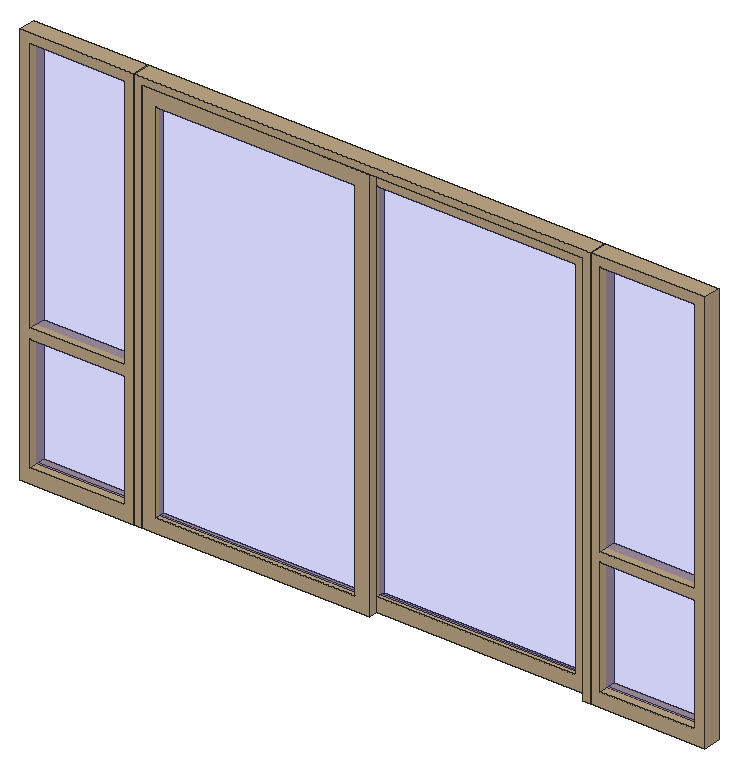
Revit family "DAL_A3-Sliding-Single-with-Sidehung-Sidelights", category Doors, host Wall, Revit 2016
Family settings
  Host = Wall
  Always vertical = Yes
  Cut with Voids When Loaded = No
  Shared = No
  Room Calculation Point = No
Parameters (values of type "2400-600")
  window = 600 mm
  door width = 2400 mm
  URL = "http://www.kal.co.za"
  Thickness = 0 mm
  Rough Width = 0 mm
  Rough Height = 0 mm
  Model Type = "Double Sliding"
  Model = "Arcadia Patio Doors"
  Material Glass = Glass
  Material Door Frame = Default Aluminium Door Frame
  Manufacturer Code = ""
  Manufacturer = "Kal-Aluminium"
  Height = 2125 mm
  Wall Closure = By host
  Width = window + window + door width  # 3600 mm
  Function = Interior
  Frame Finish = "Anodised Aluminium"
  Description = "2400mm WIDE ALUMINIUM SLIDING DOOR WITH 600mm WIDE SIDEHUNG SIDELIGHTS "
  Construction Type = "Aluminium"
Types (5, lengths in mm): name | door width | Width | Description
  (no name) | 2400 | 3600 | "2400mm WIDE ALUMINIUM SLIDING DOOR WITH 600mm WIDE SIDEHUNG SIDELIGHTS "
  1500-600 | 1500 | 2700 | "1500mm WIDE ALUMINIUM SLIDING DOOR WITH 600mm WIDE SIDEHUNG SIDELIGHTS "
  1800-600 | 1800 | 3000 | "1800mm WIDE ALUMINIUM SLIDING DOOR WITH 600mm WIDE SIDEHUNG SIDELIGHTS "
  2100-600 | 2100 | 3300 | "2100mm WIDE ALUMINIUM SLIDING DOOR WITH 600mm WIDE SIDEHUNG SIDELIGHTS "
  2400-600 | 2400 | 3600 | "2400mm WIDE ALUMINIUM SLIDING DOOR WITH 600mm WIDE SIDEHUNG SIDELIGHTS "
Reference planes
  plane 1 "Center Line": y = 0
  plane 2 "Center (Left/Right)": x = 375.5
  plane 3 "Left": x = -824.5
  plane 4 "Right": x = 1575.5
  plane 5: z = 2125
  plane 6 "Exterior": y = 110
  plane 7 "Interior": y = -110
  plane 8: x = 1665.5
  plane 9: x = -914.5
  plane 10: z = 75
  plane 11 "Exterior Panel": y = 46
  plane 12 "Interior Panel": y = -46
  plane 13: x = -784.5
  plane 14: x = -709.5
  plane 15: x = 338
  plane 16: x = 413
  plane 17: x = -1424.5
  plane 18: x = 2175.5
  plane 19: x = -1374.5
  plane 20: x = -874.5
  plane 21: x = 1625.5
  plane 22: x = 2125.5
  plane 23: z = 2075
  plane 24: z = 1416.667
  plane 25: z = 708.333
  plane 26: z = 1441.667
  plane 27: z = 1391.667
  plane 28: z = 733.333
  plane 29: z = 683.333
  plane 30: y = 5
  plane 31: y = -5
Forms (mm)
  Sweep 1, solid, material "Default ALUMINIUM FRAME"
    path origin (0, 0, 0) x (1, 0, 0) y (0, 0, 1)
      loop
        line (1575.5, 2125) -> (-824.5, 2125)
    profile "Frame Sliding door profile upvc : Frame Sliding door profile upvc" origin (375.5, 0, 2125) x (0, 0, -1) y (0, -1, 0)
      loop
        line (0, -46) -> (40, -46) -> (40, 46) -> (0, 46) -> (0, -46)
  Sweep 2, solid, material "Default ALUMINIUM FRAME"
    path origin (0, 0, 0) x (1, 0, 0) y (0, 0, 1)
      loop
        line (1575.5, 0) -> (1575.5, 2125)
    profile "Frame Sliding door profile upvc : Frame Sliding door profile upvc" origin (1575.5, 0, 1062.5) x (-1, 0, 0) y (0, -1, 0)
      loop
        line (0, -46) -> (40, -46) -> (40, 46) -> (0, 46) -> (0, -46)
  Sweep 3, solid, material "Default ALUMINIUM FRAME"
    path origin (0, 0, 0) x (1, 0, 0) y (0, 0, 1)
      loop
        line (-824.5, 0) -> (-824.5, 2125)
    profile "Frame Sliding door profile upvc : Frame Sliding door profile upvc" origin (-824.5, 0, 1062.5) x (-1, 0, 0) y (0, -1, 0)
      loop
        line (0, -46) -> (0, 46) -> (-40, 46) -> (-40, -46) -> (0, -46)
  Extrusion 4, solid, material "Default ALUMINIUM FRAME"
    sketch origin (0, -46, 0) x (1, 0, 0) y (0, 0, 1)
      loop
        line (413, 0) -> (413, 2085) -> (-784.5, 2085) -> (-784.5, 0) -> (413, 0)
      loop
        line (338, 75) -> (338, 2010) -> (-709.5, 2010) -> (-709.5, 75) -> (338, 75)
    from 0 to -44
  Extrusion 5, solid, material "Glass"
    sketch origin (0, -46, 0) x (1, 0, 0) y (0, 0, 1)
      loop
        line (338, 75) -> (338, 2010) -> (-709.5, 2010) -> (-709.5, 75) -> (338, 75)
    from -18 to -28
  Extrusion 6, solid, material "Default ALUMINIUM FRAME"
    sketch origin (0, 46, 0) x (1, 0, 0) y (0, 0, 1)
      loop
        line (1535.5, 0) -> (1535.5, 2085) -> (338, 2085) -> (338, 0) -> (1535.5, 0)
      loop
        line (1460.5, 75) -> (1460.5, 2010) -> (413, 2010) -> (413, 75) -> (1460.5, 75)
    from 0 to 44
  Extrusion 7, solid, material "Glass"
    sketch origin (0, 46, 0) x (1, 0, 0) y (0, 0, 1)
      loop
        line (1460.5, 75) -> (1460.5, 2010) -> (413, 2010) -> (413, 75) -> (1460.5, 75)
    from 18 to 28
  Extrusion 8, solid, material "Default ALUMINIUM FRAME"
    sketch origin (0, -35.5, 0) x (1, 0, 0) y (0, 0, 1)
      loop
        line (-1424.5, 2125) -> (-1424.5, 0) -> (-824.5, 0) -> (-824.5, 2125) -> (-1424.5, 2125)
      loop
        line (-1374.5, 683.333) -> (-1374.5, 75) -> (-874.5, 75) -> (-874.5, 683.333) -> (-1374.5, 683.333)
      loop
        line (-1374.5, 733.333) -> (-874.5, 733.333) -> (-874.5, 2075) -> (-1374.5, 2075) -> (-1374.5, 733.333)
    from 10.5 to -81.5
  Extrusion 9, solid, material "Default ALUMINIUM FRAME"
    sketch origin (0, -35.5, 0) x (1, 0, 0) y (0, 0, 1)
      loop
        line (1575.5, 2125) -> (1575.5, 0) -> (2175.5, 0) -> (2175.5, 2125) -> (1575.5, 2125)
      loop
        line (1625.5, 75) -> (2125.5, 75) -> (2125.5, 683.333) -> (1625.5, 683.333) -> (1625.5, 75)
      loop
        line (1625.5, 733.333) -> (2125.5, 733.333) -> (2125.5, 2075) -> (1625.5, 2075) -> (1625.5, 733.333)
    from 10.5 to -81.5
  Extrusion 10, solid, material "Glass"
    sketch origin (0, -35.5, 0) x (1, 0, 0) y (0, 0, 1)
      loop
        line (-1374.5, 75) -> (-874.5, 75) -> (-874.5, 2075) -> (-1374.5, 2075) -> (-1374.5, 75)
      loop
        line (1625.5, 75) -> (2125.5, 75) -> (2125.5, 2075) -> (1625.5, 2075) -> (1625.5, 75)
    from -30.5 to -40.5
Cuts and joins
  joined: Sweep 1, Sweep 2, Sweep 3
Lines and regions (mm)
  Opening 1
    outline origin (-3050, -110, 0) x (1, 0, 0) y (0, 0, 1)
      loop
        line (1625.5, 0) -> (5225.5, 0) -> (5225.5, 2125) -> (1625.5, 2125) -> (1625.5, 0)
  model lines, style "DoorsPanelProjection"
    curve 1: line (-1374.5, 46, 2075) -> (-874.5, 46, 1404.167)
    curve 2: line (-874.5, 46, 1404.167) -> (-1374.5, 46, 733.333)
    curve 3: line (2125.5, 46, 2075) -> (1625.5, 46, 1336.049)
    curve 4: line (1625.5, 46, 1336.049) -> (2125.5, 46, 733.333)
Text (mm)
  text "Exterior" at (-2295.016, 1099.543, 0), in view "Ref. Level"
  text "Exterior" at (0, 1615.38, 3698.081), in view "Left"
  text "Exterior" at (0, 1036.032, 3874.932), in view "Right"
Dimensions and locks
  equal spacing: plane 3 "Left", plane 2 "Center (Left/Right)", plane 4 "Right"
  "door width": plane 3 "Left" to plane 4 "Right"
  "Height": plane 5 to host wall
  host wall to plane 5 = 2125 mm
  locked: host wall to plane 6 "Exterior" at 0
  locked: plane 7 "Interior" to host wall
  locked: plane 4 "Right" to plane 8 at 90
  locked: plane 9 to plane 3 "Left" at 90
  locked: plane 1 "Center Line" to plane 11 "Exterior Panel" at 46
  locked: plane 12 "Interior Panel" to plane 1 "Center Line" at 46
  level to plane 10 = 75 mm
  "window": plane 17 to plane 3 "Left"
  "window": plane 4 "Right" to plane 18
  locked: plane 17 to plane 19 at 50
  locked: plane 20 to plane 3 "Left" at 50
  locked: plane 4 "Right" to plane 21 at 50
  locked: plane 22 to plane 18 at 50
  locked: plane 5 to plane 23 at 50
  locked: plane 26 to plane 24 at 25
  locked: plane 24 to plane 27 at 25
  locked: plane 28 to plane 25 at 25
  locked: plane 25 to plane 29 at 25
  locked: host wall to plane 30 at 5
  locked: plane 31 to host wall at 5
  plane 20 to plane 19 = 500 mm
  plane 22 to plane 21 = 500 mm
  equal spacing: plane 5, plane 24, plane 25, level
  locked: plane 15 to plane 2 "Center (Left/Right)" at 37.5
  locked: plane 2 "Center (Left/Right)" to plane 16 at 37.5
  locked: plane 3 "Left" to plane 13 at 40
  locked: plane 13 to plane 14 at 75
  equal spacing: plane 3 "Left", nested 2, plane 2 "Center (Left/Right)"
  equal spacing: plane 13, nested 1, plane 15
  aligned and locked: plane 5 to Opening 1 sketch curve  (x2)
  aligned and locked: Opening 1 sketch curve to level
  aligned and locked: host wall to plane 1 "Center Line"
  aligned and locked: plane 17 to Opening 1 sketch curve
  aligned and locked: plane 18 to Opening 1 sketch curve
  aligned and locked: plane 17 to Extrusion 8 sketch curve
  aligned and locked: plane 5 to Extrusion 8 sketch curve
  aligned and locked: Extrusion 8 sketch curve to cut or joined group of Sweep 1, Sweep 2, Sweep 3  (x2)
  aligned and locked: plane 19 to Extrusion 8 sketch curve  (x2)
  aligned and locked: Extrusion 8 sketch curve to plane 29
  aligned and locked: plane 10 to Extrusion 8 sketch curve
  aligned and locked: Extrusion 8 sketch curve to plane 20
  aligned and locked: cut or joined group of Sweep 1, Sweep 2, Sweep 3 to Extrusion 9 sketch curve
  aligned and locked: host wall to Extrusion 9 sketch curve
  aligned and locked: Extrusion 9 sketch curve to host wall
  aligned and locked: plane 21 to Extrusion 9 sketch curve
  aligned and locked: plane 10 to Extrusion 9 sketch curve
  aligned and locked: plane 29 to Extrusion 9 sketch curve
  aligned and locked: plane 22 to Extrusion 9 sketch curve  (x2)
  aligned and locked: Extrusion 9 to cut or joined group of Sweep 1, Sweep 2, Sweep 3
  aligned and locked: cut or joined group of Sweep 1, Sweep 2, Sweep 3 to Extrusion 9
  aligned and locked: cut or joined group of Sweep 1, Sweep 2, Sweep 3 to Extrusion 8
  aligned and locked: Extrusion 8 to cut or joined group of Sweep 1, Sweep 2, Sweep 3
  aligned and locked: Extrusion 8 sketch curve to plane 28
  aligned and locked: plane 20 to Extrusion 8 sketch curve
  aligned and locked: Extrusion 8 to plane 23
  aligned and locked: Extrusion 8 to plane 20
  aligned and locked: plane 19 to Extrusion 8
  aligned and locked: plane 28 to Extrusion 8
  aligned and locked: plane 23 to Extrusion 9 sketch curve
  aligned and locked: Extrusion 9 sketch curve to plane 21
  aligned and locked: Extrusion 9 sketch curve to plane 28
  aligned and locked: Extrusion 10 sketch curve to Extrusion 8  (x3)
  aligned and locked: Extrusion 8 to Extrusion 10 sketch curve
  aligned and locked: Extrusion 10 sketch curve to Extrusion 9  (x4)
  aligned and locked: Extrusion 10 to plane 30
  aligned and locked: plane 31 to Extrusion 10
  aligned and locked: Extrusion 4 to plane 16
  aligned and locked: Extrusion 5 to plane 15
  aligned and locked: plane 15 to Extrusion 4
  aligned and locked: curve 3 to Extrusion 10  (x2)
  aligned and locked: curve 4 to Extrusion 9
Automatic sketch dimensions
  Sweep 2 sketch curve to plane 4 "Right" = 0 mm
  Sweep 2 sketch curve to level = 0 mm
  Sweep 2 sketch curve to plane 5 = 0 mm
  Sweep 3 sketch curve to plane 3 "Left" = 0 mm
  Sweep 3 sketch curve to level = 0 mm
  Sweep 3 sketch curve to plane 5 = 0 mm
  Extrusion 4 sketch curve to level = 0 mm
  Extrusion 4 sketch curve to plane 13 = 0 mm
  Extrusion 4 sketch curve to plane 14 = 0 mm
  Extrusion 4 sketch curve to plane 10 = 0 mm
  plane 2 "Center (Left/Right)" to Extrusion 4 sketch curve = 37.5 mm
  plane 5 to Extrusion 4 sketch curve = 115 mm
  plane 5 to Extrusion 4 sketch curve = 40 mm
  Extrusion 5 sketch curve to plane 10 = 0 mm
  Extrusion 5 sketch curve to plane 14 = 0 mm
  plane 5 to Extrusion 5 sketch curve = 115 mm
  Extrusion 6 sketch curve to level = 0 mm
  Extrusion 6 sketch curve to plane 15 = 0 mm
  Extrusion 6 sketch curve to plane 16 = 0 mm
  Extrusion 6 sketch curve to plane 10 = 0 mm
  plane 4 "Right" to Extrusion 6 sketch curve = 115 mm
  plane 4 "Right" to Extrusion 6 sketch curve = 40 mm
  plane 5 to Extrusion 6 sketch curve = 115 mm
  plane 5 to Extrusion 6 sketch curve = 40 mm
  Extrusion 7 sketch curve to plane 10 = 0 mm
  Extrusion 7 sketch curve to plane 16 = 0 mm
  plane 4 "Right" to Extrusion 7 sketch curve = 115 mm
  plane 5 to Extrusion 7 sketch curve = 115 mm
  Sweep 1 sketch curve to plane 3 "Left" = 0 mm
  Sweep 1 sketch curve to plane 4 "Right" = 0 mm
  Sweep 1 sketch curve to plane 5 = 0 mm
  Extrusion 8 sketch curve to plane 23 = 0 mm
  Extrusion 9 sketch curve to plane 4 "Right" = 0 mm
  curve 2 to Extrusion 8 = 0 mm  (x2)
  curve 1 to Extrusion 8 = 0 mm  (x3)
  curve 2 to Extrusion 8 = 670.833 mm
  Extrusion 4 sketch curve to plane 2 "Center (Left/Right)" = 37.5 mm
  Extrusion 5 sketch curve to plane 2 "Center (Left/Right)" = 37.5 mm
  curve 4 to Extrusion 9 = 0 mm
  curve 3 to Extrusion 9 = 0 mm
  curve 4 to Extrusion 9 = 738.951 mm
Nested families
  nested 1: "arrow" at (-223.25, 0, 1160) x (1, 0, 0) z (0, 1, 0), type "arrow"
  nested 2: "arrow" at (-224.5, 200, 0), type "arrow"
Definition of nested family "arrow"
  Reference planes
    plane 1 "Center (Front/Back)": y = 0
    plane 2: z = 0
    plane 3 "Center (Left/Right)": x = 0
  Lines and regions (mm)
    detail lines, in view "Ref. Level"
      curve 1: line (-100, 0, 0) -> (100, 0, 0)
      curve 2: line (100, 0, 0) -> (57.574, -42.426, 0)
      curve 3: line (100, 0, 0) -> (57.574, 42.426, 0)
